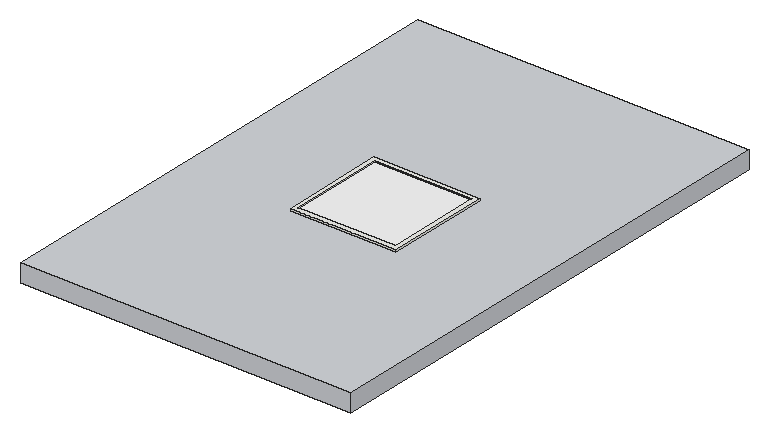
Revit family "FPL2-EQ0622xxWS840MPS0400", category Leuchten, Revit 2017
Family settings
  Basisbauteil = Fläche
  Bemaßung runder Anschluss = Durchmesser verwenden
  Teiletyp = Normal
  OmniClass-Nummer = 23.80.70.11
  OmniClass-Titel = Luminaries for Internal Lighting
  Beim Laden mit Abzugskörper schneiden = Nein
  Lichtquelle = Ja
  Gemeinsam genutzt = Nein
  Raumberechnungspunkt = Nein
Parameters (values of type "FPL2-EQ0622NDWS840MPS0400")
  width = 620 mm
  weight = "2.4 kg"
  voltage type (AC, DC, UC) = "AC"
  suspension hight [instance] = 0 mm
  rated input power = 32
  product name = "FPL2-EQ0622NDWS840MPS0400"
  nominal voltage = "230"
  nominal frequency = "50-60Hz"
  length = 620 mm
  ingress protection (IP) code = "IP40"
  height = 13 mm
  electrical safety class = "1"
  control gear = ""
  conformity mark = "CE"  # constant formula
  brand = "RIDI"
  approval mark = ""
  built-in parameter 1150104 = 13.8 (stored number, unit not read)
  Wattage = 27.0967 W
  Default Elevation = 0 mm
  Emit from Rectangle Length = 580 mm
  Emit from Rectangle Width = 580 mm
  built-in parameter 1150113 = 1 (stored number, unit not read)
  built-in parameter 1114218 = 1 (stored number, unit not read)
  URL = "www.ridi.de"
  built-in parameter 1150134 = 12
  built-in parameter 1150109 = 1 (stored number, unit not read)
  built-in parameter 1150110 = 1 (stored number, unit not read)
  Apparent Load = 32 VA
  Tilt Angle = 90.00°
  Modell = "0822974"
  built-in parameter 1114217 = 1 (stored number, unit not read)
  built-in parameter 1150139 = (empty or 0)
  built-in parameter 1150105 = 320.3 (stored number, unit not read)
  built-in parameter 1150114 = 1 (stored number, unit not read)
  Lumens = 4025 lm
  built-in parameter 1150115 = 1 (stored number, unit not read)
  built-in parameter 1150112 = 1 (stored number, unit not read)
  Lampe = "LED"
  Hersteller = "RIDI Leuchten GmbH"  # constant formula
  Dimming Lamp Color Temperature Shift = (empty or 0)
  Color Filter = 16777215
  built-in parameter 1150133 = 10 (stored number, unit not read)
  Emit Shape Visible in Rendering = no
  built-in parameter 1150137 = (empty or 0)
  built-in parameter 1150132 = 2
  Datei für fotometrisches Netz = "FPL2-EQ0622.IES"
  Copyright = "© RIDI. All rights reserved."  # constant formula
  built-in parameter 1150106 = 3.203 (stored number, unit not read)
  Baugruppenkennzeichen = "D5020200"
  built-in parameter 1150107 = 4000 (stored number, unit not read)
  built-in parameter 1150102 = (empty or 0)
  built-in parameter 1150138 = (empty or 0)
Types (3, lengths in mm): name | product name | Modell
  (no name) | "FPL2-EQ0622NDWS840MPS0400" | "0822974"
  FPL2-EQ0622NDWS840MPS0400 | "FPL2-EQ0622NDWS840MPS0400" | "0822974"
  FPL2-EQ0622DAWS840MPS0400 | "FPL2-EQ0622DAWS840MPS0400" | "0832974"
Reference planes
  plane 1 "Mitte (Vorne/hinten)": y = 0
  plane 2: z = 0
  plane 3 "Mitte (Links/rechts)": x = 0
  plane 4: z = 0
Forms (mm)
  Extrusion 1, solid
    sketch origin (219.2, 280.8, 0) x (1, 0, 0) y (0, 1, 0)
      loop
        line (-1219.2, 1219.2) -> (-1219.2, -1780.8) -> (780.8, -1780.8) -> (780.8, 1219.2) -> (-1219.2, 1219.2)
    from 0 to -107.307
  Extrusion 2, solid
    sketch origin (-1.753, 0, -1.712) x (1, 0, 0) y (0, 1, 0)
      loop
        circle (1.753, -1.622) r 1.5
    from 2.712 to 1.712
  Extrusion 3, solid
    sketch origin (0, 0, 0) x (1, 0, 0) y (0, 1, 0)
      loop
        line (-320, 320) -> (-320, -310) -> (320, -310) -> (320, 320) -> (-320, 320)
    from 0 to 13
  Extrusion 4, void
    sketch origin (0, 0, 0) x (1, 0, 0) y (0, 1, 0)
      loop
        line (-295, 295) -> (-295, -285) -> (295, -285) -> (295, 295) -> (-295, 295)
    from 9.69 to 13
Cuts and joins
  Extrusion 4 cuts Extrusion 3
Lines and regions (mm)
  reference lines
    curve 1: line (0, 802.513, 13) -> (0, -717.487, 13)
    curve 2: line (0, 791.999, 9.69) -> (0, 156.999, 9.69)
    curve 3: line (-599.954, 320, 0) -> (860.046, 320, 0)
    curve 4: line (-523.954, -310, 0) -> (776.046, -310, 0)
  model lines
    curve 5: line (-320, 464.974, 0) -> (-320, -455.026, 0)
    curve 6: line (320, 464.974, 0) -> (320, -455.026, 0)
Dimensions and locks
  "suspension hight": plane 4 to Extrusion 1
  Extrusion 4 sketch curve to Extrusion 3 = 25 mm  (x3)
  Extrusion 3 to Extrusion 4 sketch curve = 25 mm
  curve 1 to plane 4 = 13 mm
  curve 2 to curve 1 = 3.31 mm
  plane 1 "Mitte (Vorne/hinten)" to curve 3 = 320 mm
  curve 4 to plane 1 "Mitte (Vorne/hinten)" = 310 mm
  curve 5 to curve 1 = 320 mm
  curve 1 to curve 6 = 320 mm
  locked: cut or joined group of Extrusion 3, Extrusion 4 to Extrusion 2 at 12
  aligned and locked: plane 2 to Extrusion 1
  aligned and locked: level to Extrusion 1
  aligned and locked: Extrusion 3 to Extrusion 4
  aligned and locked: cut or joined group of Extrusion 3, Extrusion 4 to plane 4
  aligned and locked: Extrusion 3 to curve 1
  aligned and locked: curve 2 to Extrusion 4
  aligned and locked: Extrusion 2 to plane 4
  aligned and locked: imposter light to cut or joined group of Extrusion 3, Extrusion 4
Automatic sketch dimensions
  Extrusion 1 sketch curve to Extrusion 1 sketch curve = 2000 mm
  Extrusion 1 sketch curve to Extrusion 1 sketch curve = 3000 mm
  plane 3 "Mitte (Links/rechts)" to Extrusion 2 sketch curve = 0 mm
  plane 1 "Mitte (Vorne/hinten)" to Extrusion 2 sketch curve = 1.622 mm
  plane 1 "Mitte (Vorne/hinten)" to curve 1 = 717.487 mm
  curve 2 to plane 1 "Mitte (Vorne/hinten)" = 156.999 mm
  curve 2 to curve 2 = 635 mm
  curve 2 to curve 1 = 10.515 mm
  Extrusion 3 sketch curve to plane 3 "Mitte (Links/rechts)" = 320 mm
  plane 3 "Mitte (Links/rechts)" to Extrusion 3 sketch curve = 320 mm
  plane 1 "Mitte (Vorne/hinten)" to Extrusion 3 sketch curve = 310 mm
  Extrusion 3 sketch curve to plane 1 "Mitte (Vorne/hinten)" = 320 mm
  curve 3 to plane 3 "Mitte (Links/rechts)" = 599.954 mm
  curve 4 to plane 3 "Mitte (Links/rechts)" = 523.954 mm
  plane 3 "Mitte (Links/rechts)" to curve 4 = 776.046 mm
  plane 3 "Mitte (Links/rechts)" to curve 3 = 860.046 mm
  plane 1 "Mitte (Vorne/hinten)" to curve 5 = 455.026 mm
  plane 1 "Mitte (Vorne/hinten)" to curve 6 = 455.026 mm
  curve 6 to plane 1 "Mitte (Vorne/hinten)" = 464.974 mm
  curve 5 to plane 1 "Mitte (Vorne/hinten)" = 464.974 mm
  radius of Extrusion 2 sketch curve = 1.5 mm
Connectors
  electrical at (0, -1.622, 0)
    settings: on Extrusion 2, index 1, voltage 230 V, apparent load 0 VA, apparent load phase1 31.4 VA, apparent load phase2 0 VA, apparent load phase3 0 VA, power factor 1, load classification "Lighting", number of poles 1, system type 31, power factor state 1, is connector primary yes, connector utility no, sub classification motor no, connector description ""
